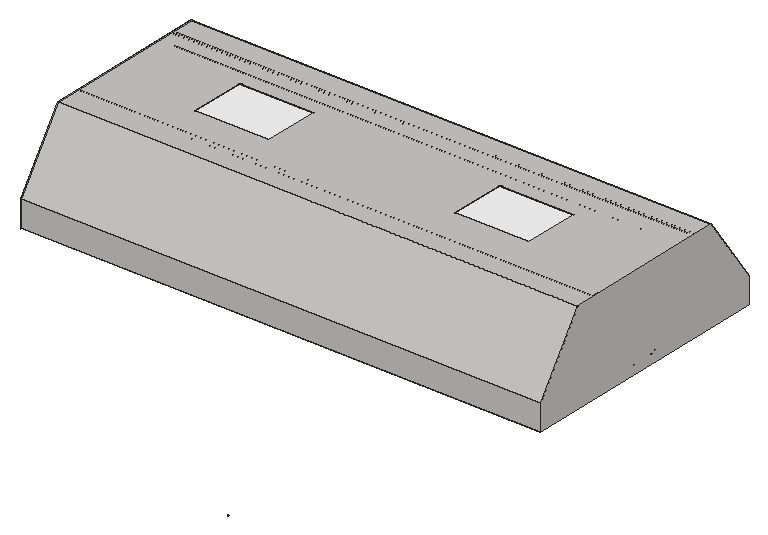
Revit family "QF_ELECTROLUXPROFESSIONAL_642349_BC1428DT", category Specialty Equipment, Revit 2014
Reference planes
  plane 1: z = 0
  plane 2 "Center (Left/Right)": x = 150
  plane 3 "LEFT": x = -1250
  plane 4 "RIGHT": x = 1550
  plane 5 "BACK": y = 550
  plane 6 "TOP": z = 2500
  plane 7 "Base": z = 2000
  plane 8: z = 1946
  plane 9: x = -1247
  plane 10 "DrainX": x = 1399
  plane 11 "AOLeft2": x = -350
  plane 12 "AORight1": x = 650
  plane 13: x = 1547
  plane 14: x = -1050
  plane 15: x = 1350
  plane 16: x = 50
  plane 17: x = 250
  plane 18 "AOLeft1": x = -750
  plane 19 "AORight2": x = 1050
  plane 20: y = 0
  plane 21: y = -300
  plane 22 "Center (Front/Back)": y = -150
  plane 23: y = -850
  plane 24: through (0, -201.379, 2046.209) normal (0, 0.8019, 0.5974)
  plane 25: through (0, -98.621, 2046.209) normal (0, 0.8019, -0.5974)
  plane 26: z = 2140
Forms (mm)
  Extrusion 1, solid, material "QF_Finishes_Stainless Steel"
    sketch origin (-1250, 0, 360) x (0, 1, 0) y (0, 0, 1)
      loop
        line (550, 1640) -> (550, 1780) -> (299.446, 2140) -> (-599.446, 2140) -> (-850, 1780) -> (-850, 1640) -> (550, 1640)
    from 0 to 3
  Extrusion 2, solid, material "QF_Finishes_Stainless Steel"
    sketch origin (1550, 0, 360) x (0, 1, 0) y (0, 0, 1)
      loop
        line (550, 1640) -> (550, 1780) -> (299.446, 2140) -> (-599.446, 2140) -> (-850, 1780) -> (-850, 1640) -> (550, 1640)
    from 0 to -3
  Extrusion 3, solid, material "QF_Finishes_Stainless Steel"
    sketch origin (150, 0, 360) x (0, 1, 0) y (0, 0, 1)
      loop
        line (-599.446, 2140) -> (-850, 1780) -> (-850, 1640) -> (-840, 1640) -> (-840, 1640.8) -> (-849.2, 1640.8) -> (-849.2, 1779.739) -> (-599.025, 2139.19) -> (299.025, 2139.19) -> (549.2, 1779.739) -> (549.2, 1640.8) -> (540, 1640.8) -> (540, 1640) -> (550, 1640) -> (550, 1780) -> (299.446, 2140) -> (-599.446, 2140)
    from -1400 to 1400
  Extrusion 4, void
    sketch origin (0, 0, 2500) x (0, 1, 0) y (-1, 0, 0)
      loop
        line (0, 350) -> (0, 750) -> (-300, 750) -> (-300, 350) -> (0, 350)
    from 0 to -10
  Extrusion 5, solid, material "QF_Finishes_Stainless Steel"
    sketch origin (0, 0, 0) x (1, 0, 0) y (0, 1, 0)
      loop
        line (-1250, 550) -> (-1250, 549) -> (-1249, 549) -> (-1249, 550) -> (-1250, 550)
    from 0 to 1
  Extrusion 6, solid, material "QF_Finishes_Stainless Steel"
    sketch origin (150, -400, 360) x (0, 1, 0) y (0, 0, 1)
      loop
        line (-98.883, 2085.553) -> (198.621, 1686.209) -> (214.66, 1698.157) -> (-82.844, 2097.501) -> (-98.883, 2085.553)
      loop
        line (598.883, 2085.553) -> (582.844, 2097.501) -> (285.34, 1698.157) -> (301.379, 1686.209) -> (598.883, 2085.553)
    from -1200 to -1397
  Extrusion 7, solid, material "QF_Finishes_Stainless Steel"
    sketch origin (150, -400, 360) x (0, 1, 0) y (0, 0, 1)
      loop
        arc (316.056, 1704.554) -> (315.455, 1704.706) -> (314.923, 1704.389) r 0.81
        line (314.923, 1704.389) -> (300.465, 1684.991) -> (283.389, 1687.002) -> (286.391, 1712.615) -> (285.593, 1712.708) -> (282.594, 1687.095)
        arc (282.594, 1687.095) -> (282.763, 1686.499) -> (283.305, 1686.197) r 0.81
        line (283.305, 1686.197) -> (300.372, 1684.196)
        arc (300.372, 1684.196) -> (300.787, 1684.257) -> (301.116, 1684.517) r 0.81
        line (301.116, 1684.517) -> (315.564, 1703.911) -> (326.308, 1695.919) -> (300.145, 1660.79) -> (199.855, 1660.79) -> (173.692, 1695.919) -> (184.436, 1703.911) -> (198.884, 1684.517)
        arc (198.884, 1684.517) -> (199.213, 1684.257) -> (199.628, 1684.196) r 0.81
        line (199.628, 1684.196) -> (216.695, 1686.197)
        arc (216.695, 1686.197) -> (217.237, 1686.499) -> (217.406, 1687.095) r 0.81
        line (217.406, 1687.095) -> (214.407, 1712.708) -> (213.609, 1712.615) -> (216.611, 1687.002) -> (199.535, 1684.991) -> (185.077, 1704.389)
        arc (185.077, 1704.389) -> (184.545, 1704.706) -> (183.944, 1704.554) r 0.81
        line (183.944, 1704.554) -> (173.214, 1696.561)
        arc (173.214, 1696.561) -> (172.897, 1696.028) -> (173.049, 1695.427) r 0.81
        line (173.049, 1695.427) -> (199.157, 1660.381)
        arc (199.157, 1660.381) -> (199.5, 1660.093) -> (199.937, 1659.99) r 0.972
        line (199.937, 1659.99) -> (300.049, 1659.99)
        arc (300.049, 1659.99) -> (300.498, 1660.096) -> (300.851, 1660.393) r 1
        line (300.851, 1660.393) -> (326.951, 1695.427)
        arc (326.951, 1695.427) -> (327.103, 1696.028) -> (326.786, 1696.561) r 0.81
        line (326.786, 1696.561) -> (316.056, 1704.554)
      loop
        line (-92.735, 2139.19) -> (-92.735, 2129.205) -> (-117.587, 2110.686)
        arc (-117.587, 2110.686) -> (-117.904, 2110.153) -> (-117.752, 2109.552) r 0.81
        line (-117.752, 2109.552) -> (-84.894, 2065.446) -> (-95.625, 2057.438) -> (-95.147, 2056.796) -> (-84.418, 2064.79)
        arc (-84.418, 2064.79) -> (-84.1, 2065.322) -> (-84.252, 2065.923) r 0.81
        line (-84.252, 2065.923) -> (-117.117, 2110.038) -> (-91.935, 2128.798) -> (-91.935, 2138.4) -> (-62.776, 2138.4) -> (-62.776, 2070.563) -> (-61.976, 2069.49) -> (-61.976, 2139.19) -> (-92.735, 2139.19)
      loop
        line (592.735, 2139.19) -> (561.976, 2139.19) -> (561.976, 2069.49) -> (562.776, 2070.563) -> (562.776, 2138.4) -> (591.935, 2138.4) -> (591.935, 2128.798) -> (617.117, 2110.038) -> (584.252, 2065.923)
        arc (584.252, 2065.923) -> (584.1, 2065.322) -> (584.418, 2064.79) r 0.81
        line (584.418, 2064.79) -> (595.147, 2056.796) -> (595.625, 2057.438) -> (584.894, 2065.446) -> (617.752, 2109.552)
        arc (617.752, 2109.552) -> (617.904, 2110.153) -> (617.587, 2110.686) r 0.81
        line (617.587, 2110.686) -> (592.735, 2129.205) -> (592.735, 2139.19)
    from -1397 to 1397
  Extrusion 8, solid, material "QF_Finishes_Stainless Steel"
    sketch origin (150, -400, 360) x (0, 1, 0) y (0, 0, 1)
      loop
        line (-98.883, 2085.553) -> (198.621, 1686.209) -> (214.66, 1698.157) -> (-82.844, 2097.501) -> (-98.883, 2085.553)
      loop
        line (598.883, 2085.553) -> (582.844, 2097.501) -> (285.34, 1698.157) -> (301.379, 1686.209) -> (598.883, 2085.553)
    from 1397 to 1200
  Extrusion 9, solid, material "QF_Finishes_Stainless Steel"
    sketch origin (150, -400, 360) x (0, 1, 0) y (0, 0, 1)
      loop
        line (-98.883, 2085.553) -> (198.621, 1686.209) -> (214.66, 1698.157) -> (-82.844, 2097.501) -> (-98.883, 2085.553)
      loop
        line (598.883, 2085.553) -> (582.844, 2097.501) -> (285.34, 1698.157) -> (301.379, 1686.209) -> (598.883, 2085.553)
    from -100 to 100
  Extrusion 10, solid, material "QF_Finished_Chrome"
    sketch origin (150, -400, 360) x (0, 1, 0) y (0, 0, 1)
      loop
        line (-98.883, 2085.553) -> (198.621, 1686.209) -> (214.66, 1698.157) -> (-82.844, 2097.501) -> (-98.883, 2085.553)
      loop
        line (598.883, 2085.553) -> (582.844, 2097.501) -> (285.34, 1698.157) -> (301.379, 1686.209) -> (598.883, 2085.553)
    from -1200 to -100
  Extrusion 11, solid, material "QF_Finished_Chrome"
    sketch origin (150, -400, 360) x (0, 1, 0) y (0, 0, 1)
      loop
        line (-98.883, 2085.553) -> (198.621, 1686.209) -> (214.66, 1698.157) -> (-82.844, 2097.501) -> (-98.883, 2085.553)
      loop
        line (598.883, 2085.553) -> (582.844, 2097.501) -> (285.34, 1698.157) -> (301.379, 1686.209) -> (598.883, 2085.553)
    from 100 to 1200
  Sweep 12, solid, material "QF_Finishes_Stainless Steel"
    path origin (0, 0, 0) x (1, 0, 0) y (0, 1, 0)
      loop
        line (1550, 550) -> (-1250, 550) -> (-1250, -850) -> (1550, -850) -> (1550, 550)
    profile origin (1550, -150, 0) x (1, 0, 0) y (0, 0, 1)
      loop
        line (-3, 2000) -> (-3, 2000.8) -> (-19, 2000.8) -> (-19, 2010) -> (-20, 2010) -> (-20, 2000) -> (-3, 2000)
  Extrusion 13, void
    sketch origin (0, 0, 2500) x (0, 1, 0) y (-1, 0, 0)
      loop
        line (0, -1050) -> (0, -650) -> (-300, -650) -> (-300, -1050) -> (0, -1050)
    from 0 to -10
  Extrusion 14, solid, material "QF_Finishes_Stainless Steel"
    sketch origin (1399, 0, 0) x (0, 1, 0) y (0, 0, 1)
      loop
        arc (-118.5, 1946) -> (-111.429, 1948.929) -> (-108.5, 1956) r 10
        line (-108.5, 1956) -> (-108.5, 2000.8) -> (-191.5, 2000.8) -> (-191.5, 1956)
        arc (-191.5, 1956) -> (-188.571, 1948.929) -> (-181.5, 1946) r 10
        line (-181.5, 1946) -> (-118.5, 1946)
    from -90 to 90
  Extrusion 15, solid, material "QF_Finishes_Stainless Steel"
    sketch origin (0, -1100, 2000) x (0, 1, 0) y (-1, 0, 0)
      loop
        circle (950, -1399) r 6.35
    from -3.799 to 0
Cuts and joins
  Extrusion 4, Extrusion 13 cuts Extrusion 3
  joined: Extrusion 2, Extrusion 3, Sweep 12
Lines and regions (mm)
  symbolic lines, style "SpecialityEquipment", detail levels coarse
    curve 1: line (1550, 550, 2500) -> (-1250, 550, 2500)
    curve 2: line (-1250, 550, 2500) -> (-1250, -850, 2500)
    curve 3: line (1550, -850, 2500) -> (1550, 550, 2500)
    curve 4: line (-1250, 299.446, 0) -> (1550, -599.446, 0)
    curve 5: line (1550, 299.446, 0) -> (-1250.605, -599.446, 0)
  symbolic lines, detail levels coarse
    curve 6: line (-750, -300, 0) -> (-350, -300, 0)
    curve 7: line (-750, 0, 0) -> (-750, -300, 0)
    curve 8: line (-350, 0, 0) -> (-750, 0, 0)
    curve 9: line (-350, -300, 0) -> (-350, 0, 0)
    curve 10: line (650, 0, 0) -> (650, -300, 0)
    curve 11: line (1050, 0, 0) -> (650, 0, 0)
    curve 12: line (1050, -300, 0) -> (1050, 0, 0)
    curve 13: line (650, -300, 0) -> (1050, -300, 0)
    curve 14: line (-1250.605, -599.446, 0) -> (1550, -599.446, 0)
    curve 15: line (1550, 299.446, 0) -> (-1250, 299.446, 0)
    curve 16: line (-1250, -850, 0) -> (1550, -850, 0)
Dimensions and locks
  plane 3 "LEFT" to plane 4 "RIGHT" = 2800 mm
  equal spacing: plane 3 "LEFT", plane 2 "Center (Left/Right)", plane 4 "RIGHT"
  plane 3 "LEFT" to plane 9 = 3 mm
  plane 10 "DrainX" to plane 4 "RIGHT" = 151 mm
  plane 13 to plane 4 "RIGHT" = 3 mm
  plane 3 "LEFT" to plane 14 = 200 mm
  plane 15 to plane 4 "RIGHT" = 200 mm
  locked: plane 11 "AOLeft2" to plane 12 "AORight1" at 1000
  equal spacing: plane 11 "AOLeft2", plane 2 "Center (Left/Right)", plane 12 "AORight1"
  locked: plane 7 "Base" to level at 2000
  locked: plane 16 to plane 17 at 200
  equal spacing: plane 16, plane 2 "Center (Left/Right)", plane 17
  plane 18 "AOLeft1" to plane 11 "AOLeft2" = 400 mm
  plane 12 "AORight1" to plane 19 "AORight2" = 400 mm
  plane 7 "Base" to plane 8 = 54 mm
  locked: plane 6 "TOP" to plane 7 "Base" at 500
  plane 5 "BACK" to plane 23 = 1400 mm  (x2)
  equal spacing: plane 5 "BACK", plane 22 "Center (Front/Back)", plane 23
  plane 21 to plane 20 = 300 mm
  equal spacing: plane 21, plane 22 "Center (Front/Back)", plane 20
  plane 26 to plane 7 "Base" = 140 mm
  aligned and locked: level to plane 1
  aligned and locked: plane 4 "RIGHT" to Extrusion 3
  aligned and locked: Extrusion 3 to plane 3 "LEFT"
  aligned and locked: Extrusion 6 to plane 9
  aligned and locked: plane 14 to Extrusion 6
  aligned and locked: Extrusion 2 to plane 13
  aligned and locked: plane 13 to Extrusion 8
  aligned and locked: Extrusion 8 to plane 15
  aligned and locked: plane 17 to Extrusion 9
  aligned and locked: Extrusion 9 to plane 16
  aligned and locked: plane 16 to Extrusion 10
  aligned and locked: Extrusion 10 to plane 14
  aligned and locked: Extrusion 11 to plane 17
  aligned and locked: Extrusion 11 to plane 15
  aligned and locked: Extrusion 7 to plane 9
  aligned and locked: plane 13 to Extrusion 7
  aligned and locked: Extrusion 4 to plane 18 "AOLeft1"
  aligned and locked: Extrusion 4 to plane 11 "AOLeft2"
  aligned and locked: plane 12 "AORight1" to Extrusion 13
  aligned and locked: plane 19 "AORight2" to Extrusion 13
  aligned and locked: plane 21 to Extrusion 13
  aligned and locked: plane 21 to Extrusion 4
  aligned and locked: plane 20 to Extrusion 13
  aligned and locked: plane 20 to Extrusion 4
  aligned and locked: curve 6 to Extrusion 4
  aligned and locked: curve 7 to Extrusion 4
  aligned and locked: curve 8 to Extrusion 4
  aligned and locked: curve 9 to Extrusion 4
  aligned and locked: curve 10 to Extrusion 13
  aligned and locked: curve 11 to Extrusion 13
  aligned and locked: curve 12 to Extrusion 13
  aligned and locked: curve 13 to Extrusion 13
Automatic sketch dimensions
  Extrusion 4 sketch curve to plane 11 "AOLeft2" = 0 mm
  Extrusion 4 sketch curve to plane 18 "AOLeft1" = 0 mm
  Extrusion 5 sketch curve to plane 3 "LEFT" = 0 mm
  Extrusion 5 sketch curve to plane 5 "BACK" = 0 mm
  plane 3 "LEFT" to Extrusion 5 sketch curve = 1 mm
  Extrusion 5 sketch curve to Extrusion 5 sketch curve = 1 mm
  Sweep 12 sketch curve to plane 3 "LEFT" = 0 mm
  Sweep 12 sketch curve to plane 4 "RIGHT" = 0 mm
  Sweep 12 sketch curve to plane 5 "BACK" = 0 mm
  profile plane to Sweep 12 sketch curve = 20 mm
  Sweep 12 sketch curve to Sweep 12 sketch curve = 1 mm
  profile plane to Sweep 12 sketch curve = 3 mm
  level to Sweep 12 sketch curve = 2000 mm
  Sweep 12 sketch curve to Sweep 12 sketch curve = 0.8 mm
  Sweep 12 sketch curve to Sweep 12 sketch curve = 9.2 mm
  Extrusion 13 sketch curve to plane 11 "AOLeft2" = 1400 mm
  plane 18 "AOLeft1" to Extrusion 13 sketch curve = 1400 mm
  Extrusion 13 sketch curve to Extrusion 13 sketch curve = 300 mm
  Extrusion 13 sketch curve to plane 20 = 0 mm
  plane 21 to Sweep 12 sketch curve = 550 mm
  plane 21 to Extrusion 4 sketch curve = 0 mm
  Extrusion 4 sketch curve to plane 20 = 0 mm
  Extrusion 15 sketch curve to plane 10 "DrainX" = 0 mm
  Extrusion 15 sketch curve to plane 22 "Center (Front/Back)" = 0 mm
  Extrusion 14 sketch curve to plane 8 = 0 mm
  plane 8 to Extrusion 14 sketch curve = 10 mm
  Extrusion 14 sketch curve to plane 22 "Center (Front/Back)" = 41.5 mm
  plane 22 "Center (Front/Back)" to Extrusion 14 sketch curve = 31.5 mm
  plane 7 "Base" to Extrusion 14 sketch curve = 0.8 mm
  plane 22 "Center (Front/Back)" to Extrusion 14 sketch curve = 41.5 mm
  plane 21 to Extrusion 6 sketch curve = 198.883 mm
  Extrusion 6 sketch curve to plane 6 "TOP" = 42.499 mm  (x2)
  Extrusion 6 sketch curve to Extrusion 6 sketch curve = 16.039 mm  (x2)
  Extrusion 6 sketch curve to plane 22 "Center (Front/Back)" = 51.379 mm
  plane 22 "Center (Front/Back)" to Extrusion 6 sketch curve = 35.34 mm
  plane 20 to Extrusion 6 sketch curve = 182.844 mm
  Extrusion 6 sketch curve to Extrusion 6 sketch curve = 11.948 mm  (x2)
  Extrusion 7 sketch curve to plane 6 "TOP" = 30.448 mm  (x2)
  plane 21 to Extrusion 7 sketch curve = 217.752 mm
  Extrusion 7 sketch curve to plane 6 "TOP" = 29.314 mm  (x2)
  Extrusion 7 sketch curve to Extrusion 7 sketch curve = 0.166 mm  (x3)
  Extrusion 7 sketch curve to plane 6 "TOP" = 29.962 mm  (x2)
  Extrusion 7 sketch curve to Extrusion 7 sketch curve = 0.47 mm  (x2)
  Extrusion 7 sketch curve to Extrusion 7 sketch curve = 0.014 mm  (x2)
  Extrusion 7 sketch curve to plane 6 "TOP" = 82.562 mm  (x2)
  Extrusion 7 sketch curve to Extrusion 7 sketch curve = 22.127 mm
  Extrusion 7 sketch curve to plane 6 "TOP" = 83.204 mm  (x2)
  Extrusion 7 sketch curve to Extrusion 7 sketch curve = 0.478 mm  (x5)
  Extrusion 7 sketch curve to plane 6 "TOP" = 0.81 mm  (x2)
  Extrusion 7 sketch curve to Extrusion 7 sketch curve = 24.852 mm
  Extrusion 7 sketch curve to Extrusion 7 sketch curve = 0.8 mm  (x5)
  Extrusion 7 sketch curve to Extrusion 7 sketch curve = 10.724 mm
  Extrusion 7 sketch curve to plane 6 "TOP" = 74.554 mm  (x2)
  Extrusion 7 sketch curve to Extrusion 7 sketch curve = 0.008 mm  (x6)
  Extrusion 7 sketch curve to plane 6 "TOP" = 75.21 mm  (x2)
  Extrusion 7 sketch curve to plane 6 "TOP" = 74.077 mm  (x2)
  Extrusion 7 sketch curve to Extrusion 7 sketch curve = 0.642 mm  (x2)
  Extrusion 7 sketch curve to plane 6 "TOP" = 69.437 mm  (x2)
  Extrusion 7 sketch curve to Extrusion 7 sketch curve = 21.476 mm  (x2)
  Extrusion 7 sketch curve to plane 21 = 73.049 mm
  Extrusion 7 sketch curve to Extrusion 7 sketch curve = 0.006 mm  (x4)
  Extrusion 7 sketch curve to Extrusion 7 sketch curve = 10.73 mm  (x3)
  Extrusion 7 sketch curve to Extrusion 7 sketch curve = 0.484 mm  (x4)
  Extrusion 7 sketch curve to Extrusion 7 sketch curve = 0.641 mm  (x2)
  Extrusion 7 sketch curve to Extrusion 7 sketch curve = 14.448 mm
  plane 7 "Base" to Extrusion 7 sketch curve = 20.381 mm
  Extrusion 7 sketch curve to Extrusion 7 sketch curve = 0.273 mm
  Extrusion 7 sketch curve to Extrusion 7 sketch curve = 0.65 mm  (x2)
  Extrusion 7 sketch curve to Extrusion 7 sketch curve = 0.001 mm  (x4)
  Extrusion 7 sketch curve to Extrusion 7 sketch curve = 0.093 mm  (x2)
  plane 7 "Base" to Extrusion 7 sketch curve = 20.79 mm
  Extrusion 7 sketch curve to Extrusion 7 sketch curve = 0.698 mm
  Extrusion 7 sketch curve to Extrusion 7 sketch curve = 0.081 mm
  Extrusion 7 sketch curve to Extrusion 7 sketch curve = 28.531 mm
  Extrusion 7 sketch curve to Extrusion 7 sketch curve = 0.799 mm  (x2)
  Extrusion 7 sketch curve to Extrusion 7 sketch curve = 17.067 mm  (x2)
  Extrusion 7 sketch curve to Extrusion 7 sketch curve = 0.01 mm  (x4)
  Extrusion 7 sketch curve to Extrusion 7 sketch curve = 0.094 mm
  Extrusion 7 sketch curve to Extrusion 7 sketch curve = 0.795 mm  (x2)
  plane 22 "Center (Front/Back)" to Extrusion 7 sketch curve = 32.594 mm
  Extrusion 7 sketch curve to Extrusion 7 sketch curve = 0.71 mm
  Extrusion 7 sketch curve to Extrusion 7 sketch curve = 2.998 mm
  Extrusion 7 sketch curve to Extrusion 7 sketch curve = 16.745 mm
  Extrusion 7 sketch curve to Extrusion 7 sketch curve = 0.095 mm
  plane 7 "Base" to Extrusion 7 sketch curve = 20.393 mm
  Extrusion 7 sketch curve to Extrusion 7 sketch curve = 0.707 mm
  Extrusion 7 sketch curve to Extrusion 7 sketch curve = 0.651 mm
  Extrusion 7 sketch curve to Extrusion 7 sketch curve = 14.456 mm
  Extrusion 7 sketch curve to plane 6 "TOP" = 70.51 mm  (x2)
  plane 20 to Extrusion 7 sketch curve = 161.976 mm
  Extrusion 7 sketch curve to plane 6 "TOP" = 1.6 mm
  Extrusion 7 sketch curve to Extrusion 7 sketch curve = 29.159 mm
  Extrusion 7 sketch curve to Extrusion 7 sketch curve = 24.368 mm
  Extrusion 7 sketch curve to Extrusion 7 sketch curve = 0.636 mm
  Extrusion 7 sketch curve to Extrusion 7 sketch curve = 23.206 mm
  Extrusion 7 sketch curve to Extrusion 7 sketch curve = 23.234 mm
  Extrusion 7 sketch curve to Extrusion 7 sketch curve = 0.321 mm  (x2)
  Extrusion 7 sketch curve to Extrusion 7 sketch curve = 2.001 mm  (x2)
  Extrusion 7 sketch curve to Extrusion 7 sketch curve = 0.804 mm  (x2)
  Extrusion 7 sketch curve to Extrusion 7 sketch curve = 10.911 mm  (x2)
  Extrusion 7 sketch curve to Extrusion 7 sketch curve = 7.993 mm  (x2)
  Extrusion 7 sketch curve to Extrusion 7 sketch curve = 25.613 mm  (x2)
  Extrusion 7 sketch curve to Extrusion 7 sketch curve = 0.407 mm  (x2)
  Extrusion 7 sketch curve to Extrusion 7 sketch curve = 0.79 mm
  Extrusion 3 sketch curve to plane 7 "Base" = 0 mm  (x2)
  Extrusion 3 sketch curve to plane 23 = 0 mm
  Extrusion 3 sketch curve to plane 5 "BACK" = 0 mm
  plane 23 to Extrusion 3 sketch curve = 0.8 mm
  plane 7 "Base" to Extrusion 3 sketch curve = 0.8 mm  (x2)
  Extrusion 3 sketch curve to Extrusion 3 sketch curve = 9.2 mm
  plane 23 to Extrusion 3 sketch curve = 250.554 mm
  Extrusion 3 sketch curve to Extrusion 3 sketch curve = 0.421 mm  (x2)
  Extrusion 3 sketch curve to plane 6 "TOP" = 0.81 mm
  Extrusion 3 sketch curve to plane 5 "BACK" = 250.975 mm
  Extrusion 3 sketch curve to plane 5 "BACK" = 10 mm
  Extrusion 3 sketch curve to plane 5 "BACK" = 0.8 mm
  Extrusion 3 sketch curve to Extrusion 3 sketch curve = 138.939 mm  (x2)
  Extrusion 3 sketch curve to Extrusion 3 sketch curve = 0.261 mm  (x2)
  Extrusion 3 sketch curve to plane 6 "TOP" = 0 mm
  Extrusion 1 sketch curve to plane 7 "Base" = 0 mm
  Extrusion 1 sketch curve to plane 23 = 0 mm
  Extrusion 1 sketch curve to plane 6 "TOP" = 0 mm
  Extrusion 1 sketch curve to plane 5 "BACK" = 0 mm
  Extrusion 1 sketch curve to plane 5 "BACK" = 250.554 mm
  plane 7 "Base" to Extrusion 1 sketch curve = 140 mm
  Extrusion 1 sketch curve to Extrusion 1 sketch curve = 140 mm
  plane 23 to Extrusion 1 sketch curve = 250.554 mm
  plane 21 to Extrusion 10 sketch curve = 198.883 mm
  Extrusion 10 sketch curve to plane 6 "TOP" = 42.499 mm  (x2)
  Extrusion 10 sketch curve to Extrusion 10 sketch curve = 16.039 mm  (x2)
  Extrusion 10 sketch curve to plane 22 "Center (Front/Back)" = 51.379 mm
  plane 22 "Center (Front/Back)" to Extrusion 10 sketch curve = 35.34 mm
  plane 20 to Extrusion 10 sketch curve = 182.844 mm
  Extrusion 10 sketch curve to Extrusion 10 sketch curve = 11.948 mm  (x2)
  plane 21 to Extrusion 9 sketch curve = 198.883 mm
  Extrusion 9 sketch curve to plane 6 "TOP" = 42.499 mm  (x2)
  Extrusion 9 sketch curve to Extrusion 9 sketch curve = 16.039 mm  (x2)
  Extrusion 9 sketch curve to plane 22 "Center (Front/Back)" = 51.379 mm
  plane 22 "Center (Front/Back)" to Extrusion 9 sketch curve = 35.34 mm
  plane 20 to Extrusion 9 sketch curve = 182.844 mm
  Extrusion 9 sketch curve to Extrusion 9 sketch curve = 11.948 mm  (x2)
  plane 21 to Extrusion 11 sketch curve = 198.883 mm
  Extrusion 11 sketch curve to plane 6 "TOP" = 42.499 mm  (x2)
  Extrusion 11 sketch curve to Extrusion 11 sketch curve = 16.039 mm  (x2)
  Extrusion 11 sketch curve to plane 22 "Center (Front/Back)" = 51.379 mm
  plane 22 "Center (Front/Back)" to Extrusion 11 sketch curve = 35.34 mm
  plane 20 to Extrusion 11 sketch curve = 182.844 mm
  Extrusion 11 sketch curve to Extrusion 11 sketch curve = 11.948 mm  (x2)
  plane 21 to Extrusion 8 sketch curve = 198.883 mm
  Extrusion 8 sketch curve to plane 6 "TOP" = 42.499 mm  (x2)
  Extrusion 8 sketch curve to Extrusion 8 sketch curve = 16.039 mm  (x2)
  Extrusion 8 sketch curve to plane 22 "Center (Front/Back)" = 51.379 mm
  plane 22 "Center (Front/Back)" to Extrusion 8 sketch curve = 35.34 mm
  plane 20 to Extrusion 8 sketch curve = 182.844 mm
  Extrusion 8 sketch curve to Extrusion 8 sketch curve = 11.948 mm  (x2)
  curve 15 to plane 3 "LEFT" = 0 mm
  curve 14 to plane 4 "RIGHT" = 0 mm
  curve 5 to plane 4 "RIGHT" = 0 mm
  curve 5 to plane 3 "LEFT" = 0.605 mm
  plane 23 to curve 14 = 250.554 mm
  curve 4 to plane 5 "BACK" = 250.554 mm
  Extrusion 2 sketch curve to plane 7 "Base" = 0 mm
  Extrusion 2 sketch curve to plane 23 = 0 mm
  Extrusion 2 sketch curve to plane 6 "TOP" = 0 mm
  Extrusion 2 sketch curve to plane 5 "BACK" = 0 mm
  Extrusion 2 sketch curve to plane 26 = 0 mm  (x2)
  Extrusion 2 sketch curve to plane 5 "BACK" = 250.554 mm
  plane 23 to Extrusion 2 sketch curve = 250.554 mm
  curve 2 to plane 3 "LEFT" = 0 mm
  curve 2 to plane 23 = 0 mm
  curve 3 to plane 4 "RIGHT" = 0 mm
  curve 3 to plane 23 = 0 mm
  curve 2 to plane 5 "BACK" = 0 mm
  radius of Extrusion 15 sketch curve = 6.35 mm
Connectors
  hvac at (-550, -150, 2500)
    settings: on Extrusion 4, index 2, duct flow 0.0 L/s, flow factor 0, pres drop 0.0 Pa, loss coef 0, conn angle 0.00°, conn width 300 mm, conn height 400 mm, conn diameter 609.6 mm, duct sys type 3, conn prof type 1, flow config 1, flow direction 2, loss method 0, conn ref index -1, conn util no, is conn primary yes, conn desc "EXHAUST OUTLET"
  hvac at (850, -150, 2500)
    settings: on Extrusion 13, index 3, duct flow 0.0 L/s, flow factor 0, pres drop 0.0 Pa, loss coef 0, conn angle 0.00°, conn width 300 mm, conn height 400 mm, conn diameter 609.6 mm, duct sys type 3, conn prof type 1, flow config 1, flow direction 2, loss method 0, conn ref index -1, conn util no, is conn primary no, conn desc "EXHAUST OUTLET"
  piping at (1399, -150, 1996.201), diameter 12.7
    settings: on Extrusion 15, index 4, connector inside diameter 609.6 mm, connector length 0 mm, flow factor 0, pipe flow 0.0 L/s, pressure drop 0.0 Pa, fitting loss kfactor 0, connector angle 0.00°, fixture units 0, engagement length 0 mm, angle of deflection 0.00°, flow configuration 1, flow direction 2, fitting loss method 0, system type 16, joint type 0, gender type 0, connector reference index -1, connector utility 0, adjustable connector no, is connector primary yes, connector description "Drain"
